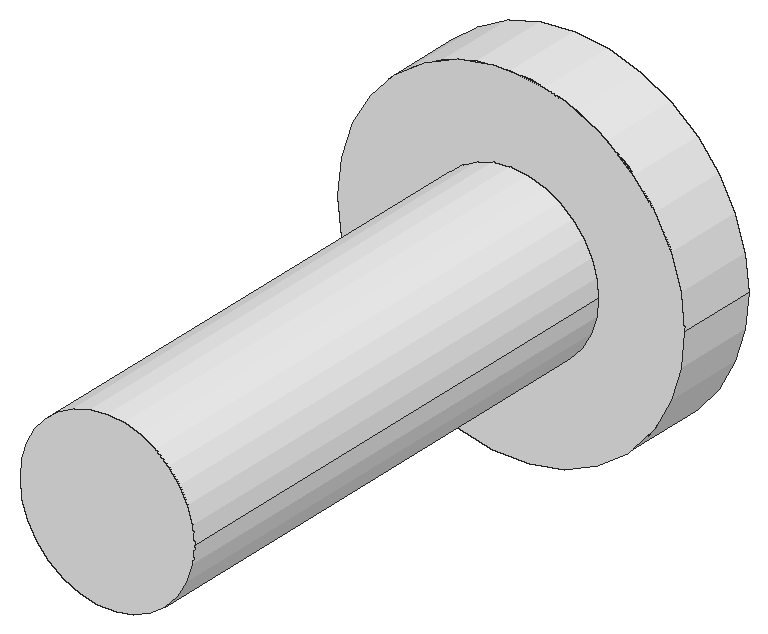
Revit family "FB-110-38", category Plumbing Fixtures, Revit 2014
Parameters (values of type "FB-110-32")
  URL = "http://www.helvex.com.mx/contenido.php?producto=326"
  Type Comments = "Flushvalves"
  Power Consumption = 2 W
  Note = "Feeding Pipe Must Be 1 ¼\" and Connect a 1 ¼\" - 1\" Reductor to Stop Valve"
  Model = "FB-110-38"
  Min. Working Pressure = 14.22 psi
  Max. Working Pressure = 85.34 psi
  Manufacturer = "Helvex"
  Flow = "1.3 - 1.6 Gallons Per Flush"
  Feeding Voltage = 6 V
  Features = "Operates With a 6 V Lithium Battery; Button With Antibacterial Coating"
  Documentation = "http://www.helvex.com.mx/productos/fichas/FB-110-38.pdf"
  Detection Range = "0 - 15.74\""
  Description = "1 ½\" Battery Operated Electronic WC Flushvalve With Button"
  Connection = "1\" Feeding Connection"
  Compliance = "NOM-005-CONAGUA-1996"
  Chrome = Brass Chromed
  Certification = "http://www.helvex.com.mx/productos/vistas/FB-110-38.pdf"
  CW Connection = yes
Reference planes (in)
  plane 1 "Center (Front/Back)": y = 0
  plane 2: z = 0
  plane 3 "Center (Left/Right)": x = 0
  plane 4: z = 17
  plane 5: y = -6.3
Forms (in)
  Extrusion 1, solid, material "Brass Chromed" <- "Chrome"
    sketch origin (0, 0, 17) x (1, 0, 0) y (0, 0, 1)
      loop
        circle (-5.28143, 10.23005) r 0.69
    from 0 to 4.6315
  Extrusion 2, solid, material "Brass Chromed" <- "Chrome"
    sketch origin (0, 0, 17) x (1, 0, 0) y (0, 0, 1)
      loop
        circle (-5.28143, 10.23005) r 1.375
    from 0 to 0.63
Cuts and joins
  joined: Extrusion 1, Extrusion 2
Dimensions and locks (in)
  locked: plane 2 to plane 4 at 17
  locked: plane 5 to plane 1 "Center (Front/Back)" at 6.3
  aligned and locked: level to plane 2
Connectors (in)
  piping at (-5.28143, 0, 27.23005), diameter 1, driven by "CW Connection"
    settings: on cut or joined group of Extrusion 1, Extrusion 2, index 1, connector inside diameter 24", connector length 0", flow factor 0, pipe flow 0.0 GPM, pressure drop 0.0 psi, fitting loss kfactor 0, connector angle 0.00°, fixture units 0, engagement length 0", angle of deflection 0.00°, flow configuration 2, flow direction 1, fitting loss method 0, system type 16, joint type 0, gender type 0, connector reference index -1, connector utility 1, adjustable connector no, is connector primary yes, connector description ""
  piping at (0, -6.3, 17), diameter 1.5, driven by "CW Connection"
    settings: on import instance, index 2, connector inside diameter 24", connector length 0", flow factor 0, pipe flow 0.0 GPM, pressure drop 0.0 psi, fitting loss kfactor 0, connector angle 0.00°, fixture units 0, engagement length 0", angle of deflection 0.00°, flow configuration 2, flow direction 2, fitting loss method 0, system type 16, joint type 0, gender type 0, connector reference index -1, connector utility 1, adjustable connector no, is connector primary no, connector description ""
